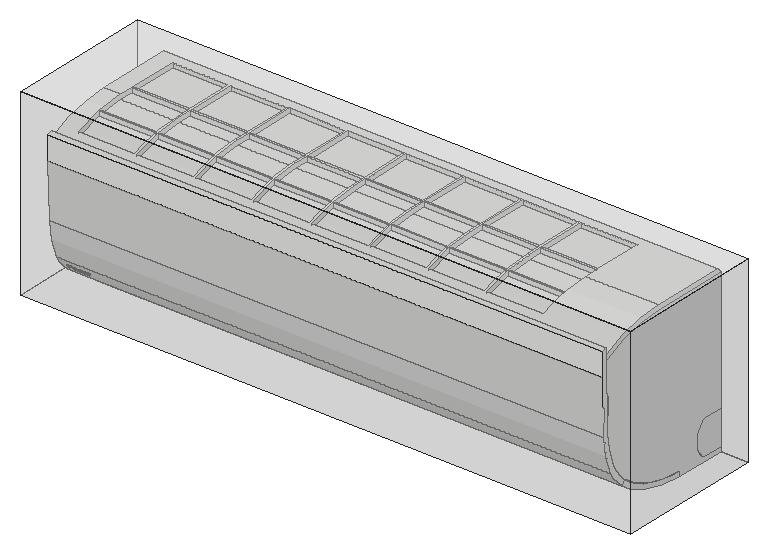
Revit family "outputfile", category 機械設備, Revit 2024 (continued)
Definition of nested family "DAIKIN_indoorunit_FTXF-WVMA"
  Automatic sketch dimensions
    Extrusion 21 sketch curve to Extrusion 21 sketch curve = 0.483 mm
    Extrusion 21 sketch curve to Extrusion 21 sketch curve = 4.137 mm
    Extrusion 21 sketch curve to Extrusion 21 sketch curve = 31.393 mm
    Extrusion 21 sketch curve to Extrusion 21 sketch curve = 9.215 mm
    Extrusion 21 sketch curve to level = 8.0 mm
    Extrusion 22 sketch curve to plane 1 "Center (Front/Back)" = 0.0 mm
    Extrusion 22 sketch curve to Extrusion 22 sketch curve = 20.0 mm  (x2)
    Extrusion 22 sketch curve to level = 287.035 mm
    Extrusion 23 sketch curve to plane 1 "Center (Front/Back)" = 0.0 mm
    Extrusion 23 sketch curve to Extrusion 23 sketch curve = 20.0 mm  (x2)
    Extrusion 23 sketch curve to level = 287.035 mm
    plane 1 "Center (Front/Back)" to Extrusion 24 sketch curve = 0.0 mm  (x2)
    plane 3 "Center (Left/Right)" to Extrusion 24 sketch curve = 469.0 mm
    Extrusion 24 sketch curve to Extrusion 24 sketch curve = 20.0 mm  (x4)
    Extrusion 24 sketch curve to plane 3 "Center (Left/Right)" = 409.0 mm
  Nested families
    nested 1: "daikin_logo_plane_w40" at (-320, -198.871, -233.244) x (1, 0, 0) z (0, -0.7841, -0.6206), visible <- "switch_unit1_20-50", type "daikin_logo_plane_w40"
      with show_logo yes
    nested 2: "daikin_logo_plane_w40" at (-430, -237.74, -233.244) x (1, 0, 0) z (0, -0.7841, -0.6206), visible <- "switch_unit1_60-71", type "daikin_logo_plane_w40"
      with show_logo yes
  Definition of nested family "daikin_logo_plane_w40"
    Parameters (values of type "daikin_logo_plane_w40")
      width = 40.0 mm
      show_logo [instance] = yes
      material = none
      height = 0.0 mm
      depth = 0.0 mm
      Default Elevation = 1219.2 mm
    Reference planes
      plane 1 "Center (Front/Back)": y = 0
      plane 2: z = 0
      plane 3 "Center (Left/Right)": x = 0
      plane 4: z = 2
      plane 5 "left": x = -19
      plane 6: x = 19
    Forms (mm)
      Extrusion 1, solid, visible <- "show_logo"
        sketch origin (-19, 0, 0) x (1, 0, 0) y (0, 1, 0)
          loop
            line (8.902, -1.878) -> (7.789, -6.332) -> (11.13, -6.332)
            arc (11.13, -6.332) -> (12.454, -6.064) -> (13.472, -5.176) r 2.642
            arc (13.472, -5.176) -> (13.92, -4.02) -> (13.767, -2.79) r 2.537
            arc (13.767, -2.79) -> (13.452, -2.342) -> (12.982, -2.06) r 1.321
            arc (12.982, -2.06) -> (12.063, -1.902) -> (11.13, -1.878) r 6.479
            line (11.13, -1.878) -> (8.902, -1.878)
          loop
            line (10.016, -5.441) -> (10.907, -5.441)
            arc (10.907, -5.441) -> (11.591, -4.983) -> (11.988, -4.261) r 1.742
            spline (11.988, -4.261) -> (12.01, -4.155) -> (12.027, -4.03) -> (12.037, -3.893) -> (12.037, -3.747) -> (12.026, -3.598) -> (12.002, -3.451) -> (11.962, -3.31) -> (11.905, -3.181) -> (11.829, -3.069) -> (11.731, -2.978) -> (11.61, -2.913) -> (11.464, -2.88)
            line (11.464, -2.88) -> (10.573, -2.88) -> (10.016, -5.441)
          loop
            line (13.58, -6.332) -> (14.805, -6.332) -> (15.223, -5.553) -> (16.977, -5.553) -> (17.144, -6.332) -> (19.149, -6.332) -> (18.258, -1.878) -> (16.03, -1.878) -> (13.58, -6.332)
          loop
            line (16.476, -3.214) -> (15.76, -4.551) -> (16.762, -4.551) -> (16.476, -3.214)
          loop
            line (19.705, -6.332) -> (21.599, -6.332) -> (22.712, -1.878) -> (20.819, -1.878) -> (19.705, -6.332)
          loop
            line (22.712, -6.332) -> (24.606, -6.332) -> (24.908, -5.122) -> (25.831, -6.332) -> (28.17, -6.332) -> (26.388, -3.994) -> (28.949, -1.878) -> (26.945, -1.878) -> (25.401, -3.153) -> (25.719, -1.878) -> (23.826, -1.878) -> (22.712, -6.332)
          loop
            line (29.84, -1.878) -> (28.615, -6.332) -> (30.62, -6.332) -> (31.734, -1.878) -> (29.84, -1.878)
          loop
            line (31.734, -6.332) -> (33.07, -6.332) -> (33.7, -3.814) -> (34.518, -6.332) -> (36.745, -6.332) -> (37.859, -1.878) -> (36.523, -1.878) -> (35.845, -4.589) -> (34.963, -1.878) -> (32.847, -1.878) -> (31.734, -6.332)
        from 0 to 2
      Extrusion 2, solid, visible <- "show_logo"
        sketch origin (-19, 0, 0) x (1, 0, 0) y (0, 1, 0)
          loop
            line (8.7, 0) -> (4.235, 0) -> (0, -3.879) -> (0, -8) -> (8.7, 0)
        from 0 to 2
      Extrusion 3, solid, visible <- "show_logo"
        sketch origin (-19, 0, 0) x (1, 0, 0) y (0, 1, 0)
          loop
            line (0, 0) -> (0, -3.879) -> (4.235, 0) -> (0, 0)
        from 0 to 2
    Dimensions and locks
      plane 4 to plane 2 = 2.0 mm
      equal spacing: plane 5 "left", plane 3 "Center (Left/Right)", plane 6
      locked: plane 5 "left" to plane 6 at 38
      aligned and locked: level to plane 2
      aligned and locked: Extrusion 3 to plane 1 "Center (Front/Back)"  (x2)
      aligned and locked: Extrusion 2 to plane 1 "Center (Front/Back)"  (x2)
      aligned and locked: plane 4 to Extrusion 1
      aligned and locked: plane 4 to Extrusion 3
      aligned and locked: plane 4 to Extrusion 2
      aligned and locked: Extrusion 3 to plane 5 "left"
      aligned and locked: Extrusion 2 to plane 5 "left"
    Automatic sketch dimensions
      Extrusion 1 sketch curve to Extrusion 1 sketch curve = 0.901 mm
      Extrusion 1 sketch curve to Extrusion 1 sketch curve = 1.559 mm
      Extrusion 1 sketch curve to Extrusion 1 sketch curve = 1.327 mm
      Extrusion 1 sketch curve to Extrusion 1 sketch curve = 2.145 mm
      Extrusion 1 sketch curve to Extrusion 1 sketch curve = 1.448 mm
      Extrusion 1 sketch curve to Extrusion 1 sketch curve = 2.116 mm
      Extrusion 1 sketch curve to Extrusion 1 sketch curve = 1.114 mm  (x4)
      Extrusion 1 sketch curve to Extrusion 1 sketch curve = 1.336 mm  (x2)
      plane 1 "Center (Front/Back)" to Extrusion 1 sketch curve = 1.878 mm  (x5)
      Extrusion 1 sketch curve to Extrusion 1 sketch curve = 1.893 mm  (x5)
      Extrusion 1 sketch curve to Extrusion 1 sketch curve = 0.891 mm  (x4)
      Extrusion 1 sketch curve to Extrusion 1 sketch curve = 2.005 mm  (x3)
      Extrusion 1 sketch curve to Extrusion 1 sketch curve = 0.445 mm  (x2)
      plane 1 "Center (Front/Back)" to Extrusion 1 sketch curve = 3.994 mm
      Extrusion 1 sketch curve to Extrusion 1 sketch curve = 0.557 mm  (x2)
      Extrusion 1 sketch curve to Extrusion 1 sketch curve = 2.339 mm  (x2)
      Extrusion 1 sketch curve to Extrusion 1 sketch curve = 1.225 mm  (x3)
      plane 1 "Center (Front/Back)" to Extrusion 1 sketch curve = 3.153 mm
      Extrusion 1 sketch curve to Extrusion 1 sketch curve = 0.987 mm
      plane 1 "Center (Front/Back)" to Extrusion 1 sketch curve = 5.122 mm
      Extrusion 1 sketch curve to Extrusion 1 sketch curve = 0.922 mm
      plane 1 "Center (Front/Back)" to Extrusion 1 sketch curve = 6.332 mm
      Extrusion 1 sketch curve to Extrusion 1 sketch curve = 2.562 mm
      plane 1 "Center (Front/Back)" to Extrusion 1 sketch curve = 5.553 mm
      Extrusion 1 sketch curve to Extrusion 1 sketch curve = 0.167 mm
      Extrusion 1 sketch curve to Extrusion 1 sketch curve = 0.215 mm
      plane 1 "Center (Front/Back)" to Extrusion 1 sketch curve = 3.214 mm
      Extrusion 1 sketch curve to Extrusion 1 sketch curve = 0.286 mm
      plane 1 "Center (Front/Back)" to Extrusion 1 sketch curve = 4.551 mm
      Extrusion 1 sketch curve to Extrusion 1 sketch curve = 1.002 mm
      Extrusion 1 sketch curve to Extrusion 1 sketch curve = 0.537 mm
      Extrusion 1 sketch curve to Extrusion 1 sketch curve = 0.418 mm
      Extrusion 1 sketch curve to Extrusion 1 sketch curve = 1.028 mm
      plane 1 "Center (Front/Back)" to Extrusion 1 sketch curve = 4.261 mm
      Extrusion 1 sketch curve to Extrusion 1 sketch curve = 0.563 mm
      plane 1 "Center (Front/Back)" to Extrusion 1 sketch curve = 2.88 mm
      Extrusion 1 sketch curve to Extrusion 1 sketch curve = 1.088 mm
      Extrusion 1 sketch curve to Extrusion 1 sketch curve = 2.152 mm
      Extrusion 1 sketch curve to Extrusion 1 sketch curve = 0.586 mm
      Extrusion 1 sketch curve to Extrusion 1 sketch curve = 0.118 mm
      Extrusion 1 sketch curve to Extrusion 1 sketch curve = 0.298 mm
      Extrusion 1 sketch curve to Extrusion 1 sketch curve = 0.334 mm
      Extrusion 1 sketch curve to Extrusion 1 sketch curve = 0.223 mm
      Extrusion 1 sketch curve to Extrusion 1 sketch curve = 0.266 mm
      Extrusion 1 sketch curve to Extrusion 1 sketch curve = 1.671 mm
      Extrusion 1 sketch curve to Extrusion 1 sketch curve = 2.227 mm
      Extrusion 1 sketch curve to Extrusion 1 sketch curve = 0.0 mm  (x7)
      Extrusion 1 sketch curve to Extrusion 1 sketch curve = 3.453 mm
      Extrusion 1 sketch curve to Extrusion 1 sketch curve = 2.017 mm
      Extrusion 1 sketch curve to Extrusion 1 sketch curve = 0.78 mm  (x2)
      Extrusion 1 sketch curve to Extrusion 1 sketch curve = 1.743 mm
      Extrusion 1 sketch curve to Extrusion 1 sketch curve = 0.775 mm
      Extrusion 1 sketch curve to Extrusion 1 sketch curve = 0.552 mm
      Extrusion 1 sketch curve to Extrusion 1 sketch curve = 0.014 mm
      Extrusion 1 sketch curve to Extrusion 1 sketch curve = 0.952 mm
      Extrusion 1 sketch curve to Extrusion 1 sketch curve = 1.215 mm
      Extrusion 1 sketch curve to Extrusion 1 sketch curve = 0.108 mm
      plane 1 "Center (Front/Back)" to Extrusion 2 sketch curve = 0.0 mm
      Extrusion 2 sketch curve to plane 3 "Center (Left/Right)" = 19.0 mm
      Extrusion 2 sketch curve to plane 3 "Center (Left/Right)" = 14.765 mm
      Extrusion 2 sketch curve to Extrusion 2 sketch curve = 4.465 mm
      plane 1 "Center (Front/Back)" to Extrusion 2 sketch curve = 3.879 mm
      Extrusion 2 sketch curve to Extrusion 2 sketch curve = 4.12 mm
      plane 1 "Center (Front/Back)" to Extrusion 3 sketch curve = 0.0 mm
      Extrusion 3 sketch curve to plane 3 "Center (Left/Right)" = 19.0 mm
      Extrusion 3 sketch curve to plane 3 "Center (Left/Right)" = 14.765 mm
      plane 1 "Center (Front/Back)" to Extrusion 3 sketch curve = 3.879 mm
      Extrusion 1 sketch curve to plane 3 "Center (Left/Right)" = 11.211 mm
      Extrusion 1 sketch curve to Extrusion 1 sketch curve = 1.782 mm
Definition of nested family "daikin_connector_rotate3"
  Parameters (values of type "daikin_connector_rotate3")
    show [instance] = yes
    radius [instance] = 10.0 mm
    length [instance] = 600.0 mm
    angle_horizontal [instance] = 60.00°
    angle_vertical [instance] = 90.00°
    Default Elevation = 1219.2 mm
  Reference planes
    plane 1 "Center (Front/Back)": y = 0
    plane 2: z = 0
    plane 3 "Center (Left/Right)": x = 0
  Dimensions and locks
    "angle_horizontal": angle plane 3 "Center (Left/Right)" to nested 1
    aligned and locked: level to plane 2
    aligned and locked: plane 1 "Center (Front/Back)" to nested 1  (x2)
    aligned and locked: plane 3 "Center (Left/Right)" to nested 1
  Nested families
    nested 1: "daikin_connector_rotate2" at (0, 0, 0) x (0.5, 0.866, 0) z (0, 0, 1), angle_vertical <- "angle_vertical", length <- "length", radius <- "radius", type "daikin_connector_rotate2"
      with radius 10.0 mm, length 600.0 mm, angle_vertical 90.00°
  Definition of nested family "daikin_connector_rotate2"
    Parameters (values of type "daikin_connector_rotate2")
      show_face = yes
      radius [instance] = 10.0 mm
      length [instance] = 600.0 mm
      d_surface = 10.0 mm
      angle_vertical [instance] = 90.00°
      Default Elevation = 0.0 mm
    Reference planes
      plane 1 "Center (Front/Back)": y = 0
      plane 2: z = 0
      plane 3 "Center (Left/Right)": x = 0
    Forms (mm)
      Extrusion 1, solid, visible <- "show_face"
        sketch origin (0, -600, 0) x (1, 0, 0) y (0, 0, 1)
          loop
            circle (0, 0) r 10
        from 0 to -10
    Lines and regions (mm)
      reference lines
        curve 1: line (0, 0, 0) -> (0, -600, 0)
      symbolic lines
        curve 2: circle (0, 0, 0) r 5 normal (0, 0, 1)
      model lines, visible <- "show_face"
        curve 3: line (0, 0, 0) -> (0, -600, 0)
    Dimensions and locks
      "length": curve 1 to curve 1
      "length": curve 3 to curve 3
      "d_surface": Extrusion 1 to Extrusion 1
      "radius": radius of Extrusion 1 sketch curve
      "angle_vertical": angle curve 1 to plane 1 "Center (Front/Back)"
      "angle_vertical": angle curve 3 to plane 1 "Center (Front/Back)"
      aligned and locked: level to plane 2
      aligned and locked: plane 1 "Center (Front/Back)" to curve 1
      aligned and locked: plane 2 to curve 1
      aligned and locked: plane 1 "Center (Front/Back)" to curve 2
      aligned and locked: plane 3 "Center (Left/Right)" to curve 2
      aligned and locked: plane 1 "Center (Front/Back)" to curve 3
      aligned and locked: plane 2 to curve 3
      aligned and locked: Extrusion 1 to Extrusion 1
    Automatic sketch dimensions
      Extrusion 1 sketch curve to level = 0.0 mm
      Extrusion 1 sketch curve to plane 3 "Center (Left/Right)" = 0.0 mm
      radius of curve 2 = 5.0 mm
